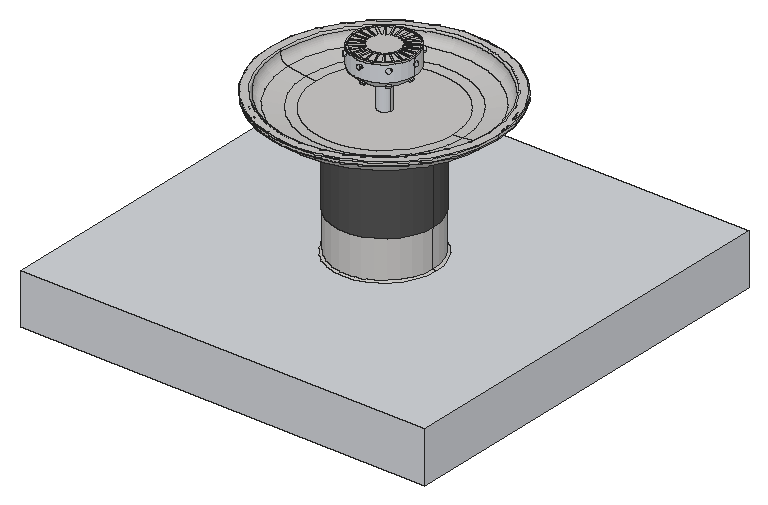
Revit family
Parameters (values of type "3508")
  Waste Connection = yes
  WFU = 0
  Vent Connection = no
  VP - Vinylclad Housing Color (Black, Gray, White) (Not Available with -ES Contoured Base Units.) = no
  URL = "http://www.acorneng.com/"
  Type Comments = ""
  TT - Top Supply; Vent Thru-Fixture = no
  TS - Single-Fold Paper Towel Dispenser (Not ADA Compliant) = no
  TO - Top Supply; Vent Off Drain = no
  TM - C or Multi-Fold Paper Towel Dispenser (Not ADA Compliant.) = no
  ST - Single Temperature Valve = no
  SPX - 16 Gage Stainless Steel Housing = no
  SO-BAT- Sensor Operation (Batteries Not Included) = no
  SO - Sensor Operated (Standard) = no
  SC - Supply Cover, Ceiling Height_______ = no
  Revised Date = "12/06/2014"
  Phone# = "626-336-4561"
  PPZ - Programmable Piezo Push button Electronic Metering = no
  PDM - Metering Liquid Soap Dispenser (Not Available with - BT, -PCB,-SC, -TM, -TO, -TS, or -TT.) = no
  PCB - Pipe Column Brace (Pipe By Others.) = no
  Model = "3508"
  Material = Stainless Steel
  Manufacturer = "Wash-Ware"
  JH31 - 31" Junior Rim Height (Not ADA Compliant On - 2 On-Floor Units) = no
  HWFU = 0
  HW Connection = yes
  HB - Hose Bibb (L or R) (Not ADA Compliant) = no
  H - Hand Operation = no
  F - Foot Operation = no
  EG - Enviro-Glaze Color, Bowl and Sprayhead (Specify) = no
  Designed By = "ATS"
  Description = "Wash-Ware® 3508 Series Circular Models - 8 Stations\r"
  Default Elevation = 34"
  DV - Liquid/Lotion Soap Dispenser (Not ADA Compliant) = no
  DP - Metering Powder Soap Dispenser = no
  CWFU = 0
  CW Connection = yes
  CS - Compact Sprayhead - 9" Diameter x 4" High (Not Available with -DP or -DV) = no
  BT - Bottom Supply; Vent Thru-Fixture = no
  BO - Bottom Supply; Vent Off-Drain = no
  Assembly Code = "D2010610"
  3508 - Island Circular, Eight Station = yes
  3 - On-Floor, Floor Outlet = yes
Reference planes (in)
  plane 1 "Center (Front/Back)": y = 0
  plane 2: z = 0
  plane 3 "Center (Left/Right)": x = 0
  plane 4: z = 29.5
  plane 5: z = 44
  plane 6: z = 34
  plane 7: x = -27
  plane 8: x = 27
  plane 9: y = 27
  plane 10: y = -27
  plane 11: x = 12.25
  plane 12: x = -12.25
  plane 13: x = -11.625
  plane 14: x = 11.625
  plane 15: y = -12.25
  plane 16: y = 12.25
  plane 17: y = 11.625
  plane 18: y = -11.625
Forms (in)
  Extrusion 1, solid
    sketch origin (0, 0, 0) x (1, 0, 0) y (0, 1, 0)
      loop
        line (-48, 48) -> (-48, -48) -> (48, -48) -> (48, 48) -> (-48, 48)
    from 0 to -12
  Extrusion 2, solid, material "Stainless Steel" <- "Material"
    sketch origin (0, 0, 0) x (1, 0, 0) y (0, 1, 0)
      loop
        circle (0, 0) r 10.25
    from 0 to 0.27209
  Sweep 3, solid, material "Stainless Steel" <- "Material"
    path origin (0, 0, 0) x (1, 0, 0) y (0, 1, 0)
      loop
        circle (0, 0) r 27
    profile origin (0, 27, 0) x (0, -1, 0) y (0, 0, 1)
      loop
        arc (0, 33.21217) -> (0.02553, 33.15053) -> (0.08717, 33.125) r 0.08717
        line (0.08717, 33.125) -> (1.13928, 33.125)
        arc (1.13928, 33.125) -> (1.2934, 33.07184) -> (1.38198, 32.93498) r 0.25
        arc (1.38198, 32.93498) -> (2.47163, 31.1151) -> (4.39359, 30.21766) r 3.62137
        line (4.39359, 30.21766) -> (8.49921, 29.64065)
        arc (8.49921, 29.64065) -> (9.50246, 29.53521) -> (10.51062, 29.5) r 14.45258
        line (10.51062, 29.5) -> (15.25, 29.5) -> (15.25, 9.23669) -> (15.375, 9.23669) -> (15.375, 0.27209) -> (14.75, 0) -> (16.375, 0) -> (16.375, 30.50128) -> (10.67892, 30.50128)
        arc (10.67892, 30.50128) -> (9.50287, 30.54235) -> (8.33255, 30.66535) r 16.85933
        line (8.33255, 30.66535) -> (4.11064, 31.2587)
        arc (4.11064, 31.2587) -> (2.7411, 32.03816) -> (2.27873, 33.5446) r 2.13601
        arc (2.27873, 33.5446) -> (2.16825, 33.86433) -> (1.85838, 34) r 0.4217
        line (1.85838, 34) -> (0.1242, 34)
        arc (0.1242, 34) -> (0.03638, 33.96362) -> (0, 33.8758) r 0.1242
        line (0, 33.8758) -> (0, 33.21217)
  Sweep 4, solid
    path origin (0, 0, 0) x (1, 0, 0) y (0, 1, 0)
      loop
        circle (0.00286, -0.00402) r 2.12007
    profile origin (0.00286, 2.11606, 0) x (0, -1, 0) y (0, 0, 1)
      loop
        line (0.5, 29.53538) -> (1.86606, 29.53538) -> (1.86606, 38.01187) -> (-4.63394, 40.25) -> (-4.63394, 43) -> (1.86606, 43) -> (1.86606, 43.625) -> (-5.13394, 43.625) -> (-5.13394, 39.75) -> (-3.54295, 38.15901) -> (0.08515, 38.15901)
        arc (0.08515, 38.15901) -> (0.37849, 38.0375) -> (0.5, 37.74416) r 0.41485
        line (0.5, 37.74416) -> (0.5, 29.53538)
  Extrusion 5, solid, material "Stainless Steel" <- "Material"
    sketch origin (0, 0, 0) x (1, 0, 0) y (0, 1, 0)
      loop
        circle (0, 0) r 7.25
    from 44 to 43.625
  Extrusion 6, void
    sketch origin (0.00315, 10.03077, 53.95644) x (0, -1, 0) y (1, 0, 0)
      loop
        arc (3.09874, 0) -> (3.10911, -0.37825) -> (3.1402, -0.75537) r 6.90126
        line (3.1402, -0.75537) -> (6.41052, -0.32482)
        arc (6.41052, -0.32482) -> (6.39591, 0.01899) -> (6.41415, 0.36264) r 3.60414
        line (6.41415, 0.36264) -> (3.14446, 0.7931)
        arc (3.14446, 0.7931) -> (3.11018, 0.39721) -> (3.09874, 0) r 6.90126
      loop
        line (16.85496, 0.79806) -> (13.58535, 0.3676)
        arc (13.58535, 0.3676) -> (13.60409, 0.01899) -> (13.58902, -0.32979) r 3.60414
        line (13.58902, -0.32979) -> (16.85925, -0.76033)
        arc (16.85925, -0.76033) -> (16.90123, 0.01898) -> (16.85496, 0.79806) r 6.90126
      loop
        line (13.55124, 0.61527) -> (16.82156, 1.04581)
        arc (16.82156, 1.04581) -> (16.66005, 1.80862) -> (16.41353, 2.54833) r 6.90126
        line (16.41353, 2.54833) -> (13.36678, 1.28633)
        arc (13.36678, 1.28633) -> (13.47524, 0.95526) -> (13.55124, 0.61527) r 3.60414
      loop
        line (13.26951, 1.51663) -> (16.31702, 2.77896)
        arc (16.31702, 2.77896) -> (15.96367, 3.47305) -> (15.53435, 4.1229) r 6.90126
        line (15.53435, 4.1229) -> (12.91807, 2.11536)
        arc (12.91807, 2.11536) -> (13.10824, 1.82448) -> (13.26951, 1.51663) r 3.60414
      loop
        line (12.7644, 2.31256) -> (15.38139, 4.32065)
        arc (15.38139, 4.32065) -> (14.86092, 4.89886) -> (14.27869, 5.41481) r 6.90126
        line (14.27869, 5.41481) -> (12.27115, 2.79853)
        arc (12.27115, 2.79853) -> (12.52947, 2.56742) -> (12.7644, 2.31256) r 3.60414
      loop
        line (12.07167, 2.94924) -> (14.07976, 5.56623)
        arc (14.07976, 5.56623) -> (13.42817, 5.98957) -> (12.73313, 6.33699) r 6.90126
        line (12.73313, 6.33699) -> (11.47112, 3.29023)
        arc (11.47112, 3.29023) -> (11.77958, 3.13415) -> (12.07167, 2.94924) r 3.60414
      loop
        line (11.23949, 3.3843) -> (12.50181, 6.43182)
        arc (12.50181, 6.43182) -> (11.76374, 6.67208) -> (11.00337, 6.82793) r 6.90126
        line (11.00337, 6.82793) -> (10.57291, 3.55832)
        arc (10.57291, 3.55832) -> (10.91037, 3.48727) -> (11.23949, 3.3843) r 3.60414
      loop
        line (10.32486, 3.58947) -> (10.7554, 6.85979)
        arc (10.7554, 6.85979) -> (9.98105, 6.90123) -> (9.20694, 6.85554) r 6.90126
        line (9.20694, 6.85554) -> (9.63741, 3.58586)
        arc (9.63741, 3.58586) -> (9.98104, 3.60409) -> (10.32486, 3.58947) r 3.60414
      loop
        line (9.38969, 3.55209) -> (8.95916, 6.82232)
        arc (8.95916, 6.82232) -> (8.20089, 6.66263) -> (7.46531, 6.41894) r 6.90126
        line (7.46531, 6.41894) -> (8.7274, 3.37199)
        arc (8.7274, 3.37199) -> (9.05425, 3.47784) -> (9.38969, 3.55209) r 3.60414
      loop
        line (8.4967, 3.27566) -> (7.23449, 6.32292)
        arc (7.23449, 6.32292) -> (6.54338, 5.97321) -> (5.89582, 5.54825) r 6.90126
        line (5.89582, 5.54825) -> (7.90357, 2.9317)
        arc (7.90357, 2.9317) -> (8.19194, 3.11781) -> (8.4967, 3.27566) r 3.60414
      loop
        line (7.70538, 2.77931) -> (5.69756, 5.39596)
        arc (5.69756, 5.39596) -> (5.12009, 4.87995) -> (4.60407, 4.30248) r 6.90126
        line (4.60407, 4.30248) -> (7.22072, 2.29466)
        arc (7.22072, 2.29466) -> (7.45151, 2.54853) -> (7.70538, 2.77931) r 3.60414
      loop
        line (7.06834, 2.09647) -> (4.45178, 4.10422)
        arc (4.45178, 4.10422) -> (4.02682, 3.45666) -> (3.6771, 2.76556) r 6.90126
        line (3.6771, 2.76556) -> (6.72436, 1.50334)
        arc (6.72436, 1.50334) -> (6.88221, 1.80811) -> (7.06834, 2.09647) r 3.60414
      loop
        line (6.62803, 1.27265) -> (3.58108, 2.53474)
        arc (3.58108, 2.53474) -> (3.33738, 1.79915) -> (3.17769, 1.04088) r 6.90126
        line (3.17769, 1.04088) -> (6.44791, 0.61035)
        arc (6.44791, 0.61035) -> (6.52217, 0.9458) -> (6.62803, 1.27265) r 3.60414
      loop
        line (6.44168, -0.57288) -> (3.17206, -1.00333)
        arc (3.17206, -1.00333) -> (3.32792, -1.76372) -> (3.56817, -2.50179) r 6.90126
        line (3.56817, -2.50179) -> (6.61569, -1.23947)
        arc (6.61569, -1.23947) -> (6.51272, -0.91034) -> (6.44168, -0.57288) r 3.60414
      loop
        line (6.70976, -1.4711) -> (3.66301, -2.73311)
        arc (3.66301, -2.73311) -> (4.01042, -3.42816) -> (4.43377, -4.07976) r 6.90126
        line (4.43377, -4.07976) -> (7.05076, -2.07167)
        arc (7.05076, -2.07167) -> (6.86584, -1.77957) -> (6.70976, -1.4711) r 3.60414
      loop
        line (7.20147, -2.27114) -> (4.58518, -4.27869)
        arc (4.58518, -4.27869) -> (5.10114, -4.86092) -> (5.67935, -5.38139) r 6.90126
        line (5.67935, -5.38139) -> (7.68744, -2.7644)
        arc (7.68744, -2.7644) -> (7.43258, -2.52947) -> (7.20147, -2.27114) r 3.60414
      loop
        line (7.88465, -2.91807) -> (5.8771, -5.53436)
        arc (5.8771, -5.53436) -> (6.52696, -5.96367) -> (7.22106, -6.31703) r 6.90126
        line (7.22106, -6.31703) -> (8.48339, -3.26951)
        arc (8.48339, -3.26951) -> (8.17554, -3.10824) -> (7.88465, -2.91807) r 3.60414
      loop
        line (8.71369, -3.36679) -> (7.45169, -6.41354)
        arc (7.45169, -6.41354) -> (8.19141, -6.66006) -> (8.95422, -6.82156) r 6.90126
        line (8.95422, -6.82156) -> (9.38476, -3.55124)
        arc (9.38476, -3.55124) -> (9.04477, -3.47525) -> (8.71369, -3.36679) r 3.60414
      loop
        line (9.63243, -3.58535) -> (9.20198, -6.85496)
        arc (9.20198, -6.85496) -> (9.98105, -6.90123) -> (10.76037, -6.85924) r 6.90126
        line (10.76037, -6.85924) -> (10.32984, -3.58902)
        arc (10.32984, -3.58902) -> (9.98105, -3.60409) -> (9.63243, -3.58535) r 3.60414
      loop
        line (10.57785, -3.55752) -> (11.00831, -6.8272)
        arc (11.00831, -6.8272) -> (11.77324, -6.66956) -> (12.51547, -6.42649) r 6.90126
        line (12.51547, -6.42649) -> (11.25325, -3.37923)
        arc (11.25325, -3.37923) -> (10.91988, -3.48478) -> (10.57785, -3.55752) r 3.60414
      loop
        line (11.48449, -3.28422) -> (12.74658, -6.33117)
        arc (12.74658, -6.33117) -> (13.44464, -5.98012) -> (14.09854, -5.55242) r 6.90126
        line (14.09854, -5.55242) -> (12.09072, -2.93577)
        arc (12.09072, -2.93577) -> (11.79608, -3.12473) -> (11.48449, -3.28422) r 3.60414
      loop
        line (12.28921, -2.78377) -> (14.29696, -5.40033)
        arc (14.29696, -5.40033) -> (14.87995, -4.87991) -> (15.40036, -4.29692) r 6.90126
        line (15.40036, -4.29692) -> (12.78381, -2.28916)
        arc (12.78381, -2.28916) -> (12.54853, -2.54849) -> (12.28921, -2.78377) r 3.60414
      loop
        line (12.9358, -2.09068) -> (15.55245, -4.0985)
        arc (15.55245, -4.0985) -> (15.98015, -3.44459) -> (16.33119, -2.74653) r 6.90126
        line (16.33119, -2.74653) -> (13.28424, -1.48445)
        arc (13.28424, -1.48445) -> (13.12476, -1.79603) -> (12.9358, -2.09068) r 3.60414
      loop
        line (13.37925, -1.2532) -> (16.42651, -2.51542)
        arc (16.42651, -2.51542) -> (16.66957, -1.7732) -> (16.82721, -1.00827) r 6.90126
        line (16.82721, -1.00827) -> (13.55753, -0.57781)
        arc (13.55753, -0.57781) -> (13.48479, -0.91983) -> (13.37925, -1.2532) r 3.60414
    from -9.85296 to -10.08144
  Extrusion 7, solid
    sketch origin (0, 0, 0) x (1, 0, 0) y (0, 0, 1)
      loop
        circle (0, 42.4505) r 0.5
    from 6.98268 to 7.64285
  Extrusion 8, solid
    sketch origin (0, 0, 0) x (1, 0, 0) y (0, 0, -1)
      loop
        circle (0, -42.4505) r 0.5
    from 6.98268 to 7.64285
  Extrusion 9, solid
    sketch origin (0, 28.84393, 13.85437) x (1, 0, 0) y (0, -0.707107, 0.707107)
      loop
        circle (0, 42.4505) r 0.5
    from 6.98268 to 7.64285
  Extrusion 10, solid
    sketch origin (0, -28.87518, 13.85437) x (1, 0, 0) y (0, -0.707107, -0.707107)
      loop
        circle (0, -42.4505) r 0.5
    from 6.98268 to 7.64285
  Extrusion 11, solid
    sketch origin (0, 0, 0) x (1, 0, 0) y (0, 1, 0)
      loop
        circle (0, 0) r 1
    from -0.16562 to 0.58185
  Extrusion 12, solid
    sketch origin (0, 0, 0) x (1, 0, 0) y (0, 1, 0)
      loop
        circle (-1.61719, 0) r 0.25
      loop
        circle (1.61719, 0) r 0.25
    from -0.16562 to 0.58185
  Extrusion 13, solid
    sketch origin (0, 0, 0) x (0, -1, 0) y (0, 0, 1)
      loop
        circle (0, 42.4505) r 0.5
    from 6.98268 to 7.64285
  Extrusion 14, solid
    sketch origin (0, 0, 0) x (0, -1, 0) y (0, 0, -1)
      loop
        circle (0, -42.4505) r 0.5
    from 6.98268 to 7.64285
  Extrusion 15, solid
    sketch origin (28.84393, 0, 13.85437) x (0, -1, 0) y (-0.707107, 0, 0.707107)
      loop
        circle (0, 42.4505) r 0.5
    from 6.98268 to 7.64285
  Extrusion 16, solid
    sketch origin (-28.87518, 0, 13.85437) x (0, -1, 0) y (-0.707107, 0, -0.707107)
      loop
        circle (0, -42.4505) r 0.5
    from 6.98268 to 7.64285
  Extrusion 17, solid
    sketch origin (0, 0, 0) x (-0.707107, -0.707107, 0) y (0, 0, -1)
      loop
        circle (0, -42.4505) r 0.5
    from 6.98268 to 7.64285
  Extrusion 18, solid
    sketch origin (0, 0, 0) x (-0.707107, -0.707107, 0) y (0, 0, 1)
      loop
        circle (0, 42.4505) r 0.5
    from 6.98268 to 7.64285
  Extrusion 19, solid
    sketch origin (-20.39574, 20.39574, 13.85437) x (-0.707107, -0.707107, 0) y (-0.5, 0.5, -0.707107)
      loop
        circle (0, -42.4505) r 0.5
    from 6.98268 to 7.64285
  Extrusion 20, solid
    sketch origin (20.41783, -20.41783, 13.85437) x (-0.707107, -0.707107, 0) y (-0.5, 0.5, 0.707107)
      loop
        circle (0, 42.4505) r 0.5
    from 6.98268 to 7.64285
  Extrusion 21, solid
    sketch origin (0, 0, 0) x (0.707107, -0.707107, 0) y (0, 0, -1)
      loop
        circle (0, -42.4505) r 0.5
    from 6.98268 to 7.64285
  Extrusion 22, solid
    sketch origin (0, 0, 0) x (0.707107, -0.707107, 0) y (0, 0, 1)
      loop
        circle (0, 42.4505) r 0.5
    from 6.98268 to 7.64285
  Extrusion 23, solid
    sketch origin (-20.39574, -20.39574, 13.85437) x (0.707107, -0.707107, 0) y (-0.5, -0.5, -0.707107)
      loop
        circle (0, -42.4505) r 0.5
    from 6.98268 to 7.64285
  Extrusion 24, solid
    sketch origin (20.41783, 20.41783, 13.85437) x (0.707107, -0.707107, 0) y (-0.5, -0.5, 0.707107)
      loop
        circle (0, 42.4505) r 0.5
    from 6.98268 to 7.64285
  Extrusion 25, solid, material "Stainless Steel" <- "Material"
    sketch origin (0, 0, 0) x (1, 0, 0) y (0, 1, 0)
      loop
        circle (0, 0) r 10.625
    from 0 to 30.50128
Cuts and joins
  Extrusion 6 cuts Extrusion 5
  joined: Sweep 3, Extrusion 25
Dimensions and locks (in)
  plane 4 to plane 2 = 29 1/2"
  plane 5 to plane 2 = 44"
  plane 6 to plane 2 = 34"
  plane 7 to plane 8 = 54"  (x2)
  plane 10 to plane 9 = 54"
  plane 4 to Extrusion 1 = 29 1/2"
  plane 5 to Extrusion 1 = 44"
  plane 6 to Extrusion 1 = 34"
  plane 12 to plane 11 = 24 1/2"
  plane 13 to plane 14 = 23 1/4"
  aligned and locked: plane 2 to Extrusion 1
  aligned and locked: level to Extrusion 1
Connectors (in)
  piping at (0, 0, -0.16562)
    settings: on Extrusion 11, index 1
  piping at (1.61719, 0, -0.16562)
    settings: on Extrusion 12, index 2
  piping at (-1.61719, 0, -0.16562)
    settings: on Extrusion 12, index 3
